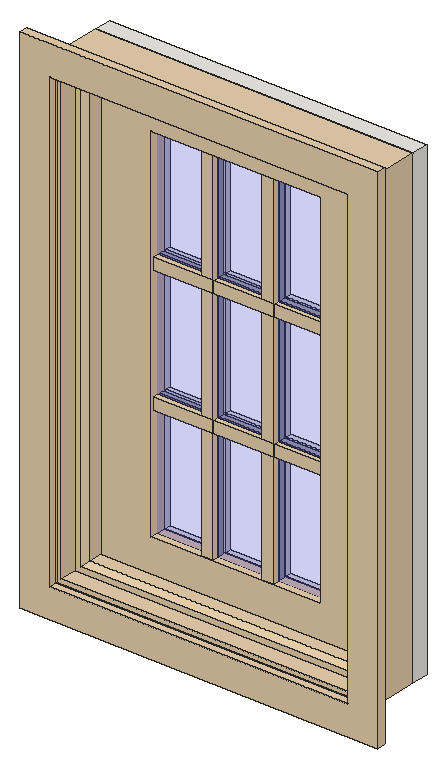
Revit family "Window-Door_Transom-Andersen-400_Series-Single 2", category Windows, host Wall, Revit 2013 (continued)
Dimensions and locks (in)
  aligned and locked: Extrusion 8 sketch curve to plane 31 "T Int Frame2"
  aligned and locked: plane 42 "B Int Frame2" to Extrusion 8 sketch curve
  aligned and locked: plane 78 "B Ext Frame1" to Extrusion 11 sketch curve
  aligned and locked: plane 31 "T Int Frame2" to Extrusion 12 sketch curve
  aligned and locked: plane 7 "T Frame" to Extrusion 12 sketch curve
  aligned and locked: plane 73 "L Int Frame2" to Extrusion 12 sketch curve
  aligned and locked: plane 5 "L Frame" to Extrusion 12 sketch curve
  aligned and locked: Extrusion 12 sketch curve to plane 71 "R Int Frame2"
  aligned and locked: Extrusion 12 sketch curve to plane 4 "R Frame"
  aligned and locked: Extrusion 12 sketch curve to plane 42 "B Int Frame2"
  aligned and locked: Extrusion 12 sketch curve to plane 6 "B Frame"
  aligned and locked: plane 69 "Sash1 S1" to Extrusion 12
  aligned and locked: Extrusion 12 to plane 58 "Frame S2"
  aligned and locked: plane 5 "L Frame" to Sweep 13 sketch curve
  aligned and locked: plane 7 "T Frame" to Sweep 13 sketch curve
  aligned and locked: Sweep 13 sketch curve to plane 4 "R Frame"
  aligned and locked: Sweep 13 sketch curve to plane 6 "B Frame"
  aligned and locked: Sweep 13 sketch curve to plane 69 "Sash1 S1"
  aligned and locked: plane 9 "L Ext Frame1" to Sweep 13 sketch curve
  aligned and locked: plane 50 "Frame S1" to Sweep 13 sketch curve
  aligned and locked: Sweep 13 sketch curve to plane 5 "L Frame"
  aligned and locked: plane 70 "Frame S1.1" to Sweep 13 sketch curve
  aligned and locked: Sweep 13 sketch curve to curve 104
  aligned and locked: curve 103 to Sweep 13 sketch curve
  aligned and locked: Extrusion 11 to Sweep 13 sketch curve
  aligned and locked: plane 7 "T Frame" to Sweep 14 sketch curve
  aligned and locked: Sweep 14 sketch curve to plane 4 "R Frame"
  aligned and locked: plane 5 "L Frame" to Sweep 14 sketch curve
  aligned and locked: Sweep 14 sketch curve to plane 6 "B Frame"
  aligned and locked: Sweep 14 sketch curve to curve 110
  aligned and locked: plane 57 "Frame2 S2.1" to Sweep 14 sketch curve  (x2)
  aligned and locked: plane 73 "L Int Frame2" to Sweep 14 sketch curve
  aligned and locked: Sweep 14 sketch curve to plane 56 "Sash1 S2"
  aligned and locked: Sweep 14 sketch curve to plane 10 "L Int Frame1"
  aligned and locked: curve 32 to plane 78 "B Ext Frame1"
  aligned and locked: plane 37 "T Casing 3" to curve 23
  aligned and locked: plane 48 "Casing S1" to curve 23
  aligned and locked: plane 49 "Casing S2" to curve 23
  aligned and locked: plane 36 "T Casing 2" to curve 24
Automatic sketch dimensions
  curve 44 to curve 44 = 0' - 1 1/2"  (x2)
  curve 45 to curve 45 = 0' - 1 1/2"
  curve 46 to curve 46 = 0' - 1 1/2"
  curve 49 to curve 47 = 0' - 0.1105"  (x2)
  curve 65 to curve 65 = 0' - 1 1/2"
  curve 69 to curve 69 = 0' - 1 1/2"
  curve 74 to curve 83 = 0' - 0.358"
  curve 75 to curve 75 = 0' - 0.32099"
  curve 75 to curve 84 = 0' - 0.41231"
  curve 76 to curve 85 = 0' - 0 3/4"
  curve 77 to curve 78 = 0' - 0.062"
  curve 77 to curve 78 = 0' - 0.49469"
  curve 86 to curve 80 = 0' - 1.019"
  curve 79 to curve 80 = 0' - 0.512"
  curve 73 to curve 73 = 0' - 0.955"
  curve 76 to curve 47 = 0' - 0 1/8"
  curve 48 to curve 85 = 0' - 0 1/8"
  curve 81 to curve 81 = 0' - 1.312"
  curve 73 to curve 87 = 0' - 0.06957"
  curve 81 to curve 80 = 0' - 0.4"
  curve 80 to curve 80 = 0' - 0.299"
  curve 73 to curve 74 = 0' - 0.96922"
  curve 74 to curve 83 = 0' - 0.20149"
  curve 74 to curve 118 = 0' - 2.57036"
  curve 118 to curve 78 = 0' - 0.62657"
  curve 84 to curve 75 = 0' - 0.74531"
  curve 78 to curve 77 = 0' - 0.24843"
  curve 75 to curve 84 = 0' - 0.12969"
  curve 73 to curve 73 = 0' - 0.23762"
  curve 49 to curve 76 = 0' - 0 1/8"
  curve 49 to curve 48 = 0' - 0.1105"
  curve 89 to curve 98 = 0' - 0.358"
  curve 90 to curve 90 = 0' - 0.32099"
  curve 90 to curve 99 = 0' - 0.41231"
  curve 91 to curve 100 = 0' - 0 3/4"
  curve 92 to curve 93 = 0' - 0.062"
  curve 92 to curve 93 = 0' - 0.49469"
  curve 101 to curve 95 = 0' - 1.019"
  curve 94 to curve 95 = 0' - 0.512"
  curve 88 to curve 88 = 0' - 0.955"
  curve 91 to curve 66 = 0' - 0 1/8"
  curve 67 to curve 100 = 0' - 0 1/8"
  curve 96 to curve 96 = 0' - 1.312"
  curve 88 to curve 102 = 0' - 0.06957"
  curve 96 to curve 95 = 0' - 0.4"
  curve 95 to curve 95 = 0' - 0.299"
  curve 88 to curve 89 = 0' - 0.96922"
  curve 89 to curve 98 = 0' - 0.20149"
  curve 89 to curve 119 = 0' - 2.57036"
  curve 119 to curve 93 = 0' - 0.62657"
  curve 99 to curve 90 = 0' - 0.74531"
  curve 93 to curve 92 = 0' - 0.24843"
  curve 90 to curve 99 = 0' - 0.12969"
  curve 88 to curve 88 = 0' - 0.23762"
  curve 68 to curve 91 = 0' - 0 1/8"
  curve 68 to curve 66 = 0' - 0.1105"
  curve 68 to curve 67 = 0' - 0.1105"
  curve 113 to curve 104 = 0' - 0.358"
  curve 105 to curve 105 = 0' - 0.32099"
  curve 114 to curve 105 = 0' - 0.41231"
  curve 115 to curve 106 = 0' - 0 3/4"
  curve 108 to curve 107 = 0' - 0.062"
  curve 108 to curve 107 = 0' - 0.49469"
  curve 110 to curve 116 = 0' - 1.019"
  curve 110 to curve 109 = 0' - 0.512"
  curve 103 to curve 103 = 0' - 0.955"
  curve 70 to curve 106 = 0' - 0 1/8"
  curve 115 to curve 71 = 0' - 0 1/8"
  curve 111 to curve 111 = 0' - 1.312"
  curve 103 to curve 117 = 0' - 0.06957"
  curve 111 to curve 110 = 0' - 0.4"
  curve 110 to curve 110 = 0' - 0.299"
  curve 103 to curve 104 = 0' - 0.96922"
  curve 104 to curve 113 = 0' - 0.20149"
  curve 104 to curve 120 = 0' - 2.57036"
  curve 120 to curve 108 = 0' - 0.62657"
  curve 114 to curve 105 = 0' - 0.74531"
  curve 108 to curve 107 = 0' - 0.24843"
  curve 105 to curve 114 = 0' - 0.12969"
  curve 103 to curve 103 = 0' - 0.23762"
  curve 72 to curve 106 = 0' - 0 1/8"
  curve 72 to curve 70 = 0' - 0.1105"
  curve 72 to curve 71 = 0' - 0.1105"
  curve 153 to curve 153 = 0' - 1 1/2"
  host wall to curve 20 = 0' - 0"
  curve 127 to curve 126 = 0' - 0.512"
  curve 126 to curve 139 = 0' - 1.019"
  curve 125 to curve 125 = 0' - 0.49419"
  curve 124 to curve 124 = 0' - 0 1/16"
  curve 138 to curve 143 = 0' - 0 3/4"
  curve 123 to curve 123 = 0' - 0.09132"
  curve 137 to curve 122 = 0' - 0.41231"
  curve 122 to curve 135 = 0' - 0.358"
  curve 141 to curve 140 = 0' - 1.312"
  curve 124 to curve 52 = 0' - 0 1/8"
  curve 52 to curve 123 = 0' - 0 1/8"
  curve 121 to curve 121 = 0' - 0.955"
  curve 124 to curve 123 = 0' - 0"
  curve 123 to curve 142 = 0' - 0.13117"
  curve 124 to curve 139 = 0' - 0.2518"
  curve 136 to curve 143 = 0' - 0.74383"
  curve 137 to curve 136 = 0' - 1.19336"
  curve 122 to curve 135 = 0' - 0.20348"
  curve 143 to curve 126 = 0' - 1.5975"
  curve 126 to curve 140 = 0' - 0.299"
  curve 127 to curve 140 = 0' - 0.4"
  curve 122 to curve 121 = 0' - 0.96922"
  curve 124 to curve 51 = 0' - 0"
  curve 50 to curve 123 = 0' - 0"
  curve 51 to curve 52 = 0' - 0 1/8"
  curve 121 to curve 121 = 0' - 0.23811"
  curve 134 to curve 133 = 0' - 0.512"
  curve 133 to curve 148 = 0' - 1.019"
  curve 132 to curve 132 = 0' - 0.49419"
  curve 131 to curve 131 = 0' - 0 1/16"
  curve 147 to curve 152 = 0' - 0 3/4"
  curve 130 to curve 130 = 0' - 0.09132"
  curve 146 to curve 129 = 0' - 0.41231"
  curve 129 to curve 144 = 0' - 0.358"
  curve 150 to curve 149 = 0' - 1.312"
  curve 131 to curve 55 = 0' - 0 1/8"
  curve 55 to curve 130 = 0' - 0 1/8"
  curve 128 to curve 128 = 0' - 0.955"
  curve 131 to curve 130 = 0' - 0"
  curve 130 to curve 151 = 0' - 0.13117"
  curve 131 to curve 148 = 0' - 0.2518"
  curve 145 to curve 152 = 0' - 0.74383"
  curve 146 to curve 145 = 0' - 1.19336"
  curve 129 to curve 144 = 0' - 0.20348"
  curve 152 to curve 133 = 0' - 1.5975"
  curve 133 to curve 149 = 0' - 0.299"
  curve 134 to curve 149 = 0' - 0.4"
  curve 129 to curve 128 = 0' - 0.96922"
  curve 131 to curve 54 = 0' - 0"
  curve 53 to curve 130 = 0' - 0"
  curve 54 to curve 55 = 0' - 0 1/8"
  curve 128 to curve 128 = 0' - 0.23811"
  curve 163 to curve 162 = 0' - 0.512"
  curve 162 to curve 168 = 0' - 1.019"
  curve 161 to curve 161 = 0' - 0.49419"
  curve 160 to curve 160 = 0' - 0 1/16"
  curve 167 to curve 172 = 0' - 0 3/4"
  curve 159 to curve 159 = 0' - 0.09132"
  curve 166 to curve 158 = 0' - 0.41231"
  curve 158 to curve 164 = 0' - 0.358"
  curve 170 to curve 169 = 0' - 1.312"
  curve 160 to curve 156 = 0' - 0 1/8"
  curve 156 to curve 159 = 0' - 0 1/8"
  curve 157 to curve 157 = 0' - 0.955"
  curve 160 to curve 159 = 0' - 0"
  curve 171 to curve 159 = 0' - 0.13117"
  curve 168 to curve 160 = 0' - 0.2518"
  curve 172 to curve 165 = 0' - 0.74383"
  curve 165 to curve 166 = 0' - 1.19336"
  curve 164 to curve 158 = 0' - 0.20348"
  curve 162 to curve 172 = 0' - 1.5975"
  curve 169 to curve 162 = 0' - 0.299"
  curve 169 to curve 163 = 0' - 0.4"
  curve 157 to curve 158 = 0' - 0.96922"
  curve 160 to curve 155 = 0' - 0"
  curve 154 to curve 159 = 0' - 0"
  curve 156 to curve 155 = 0' - 0 1/8"
  curve 157 to curve 157 = 0' - 0.23811"
  plane 6 "B Frame" to Masking region 5 sketch curve = 0' - 0"
  Masking region 8 sketch curve to plane 6 "B Frame" = 0' - 0"
  plane 6 "B Frame" to Extrusion 5 sketch curve = 0' - 0"
  Extrusion 7 sketch curve to plane 6 "B Frame" = 0' - 0"
  Extrusion 11 sketch curve to plane 6 "B Frame" = 0' - 0"
  plane 40 "B Glazing" to curve 26 = 0' - 0"
  plane 40 "B Glazing" to curve 27 = 0' - 0"
  plane 40 "B Glazing" to curve 29 = 0' - 0"
  plane 40 "B Glazing" to curve 28 = 0' - 0"
Nested families (in)
  nested 1: "Andersen Grille Bar" at (0, 1.21219, 64.5) x (-1, 0, 0) z (0, 1, 0), Center Line <- "Bar Center Line", Bar Length <- "TS V Bar Length", Bar Width <- "Grille Bar Size", visible <- "TS S V", type "Andersen Grille Bar"
    with Glass / 2 0' - 0 7/32", Glass 0' - 0 13/16", Center Line Length 2' - 3 5/8", Center Line 2, Bar Width 0' - 0 7/8", Bar Length 2' - 3 5/8"
  nested 2: "Andersen Grille Bar" at (0, 1.21219, 64.5) x (0, 0, -1) z (0, 1, 0), Bar Length <- "H DLO", visible <- "TS S H", Bar Width <- "Grille Bar Size", type "Andersen Grille Bar"
    with Glass / 2 0' - 0 7/32", Glass 0' - 0 13/16", Center Line Length 1' - 0 7/8", Center Line 2, Bar Width 0' - 0 7/8", Bar Length 1' - 0 7/8"
  nested 3: "Andersen Grille Bar" at (2.29167, 1.21219, 64.5) x (-1, 0, 0) z (0, 1, 0), Center Line <- "Bar Center Line", Bar Length <- "TS V Bar Length", Bar Width <- "Grille Bar Size", visible <- "TS M V", type "Andersen Grille Bar"
    with Glass / 2 0' - 0 7/32", Glass 0' - 0 13/16", Center Line Length 2' - 3 5/8", Center Line 2, Bar Width 0' - 0 7/8", Bar Length 2' - 3 5/8"
  nested 4: "Andersen Grille Bar" at (0, 1.21219, 59.75) x (0, 0, -1) z (0, 1, 0), Center Line <- "Bar Center Line", Bar Length <- "H DLO", visible <- "TS M H", Bar Width <- "Grille Bar Size", type "Andersen Grille Bar"
    with Glass / 2 0' - 0 7/32", Glass 0' - 0 13/16", Center Line Length 1' - 0 7/8", Center Line 2, Bar Width 0' - 0 7/8", Bar Length 1' - 0 7/8"
  nested 5: "Andersen Grille Bar" at (-2.29167, 1.21219, 64.5) x (-1, 0, 0) z (0, 1, 0), Center Line <- "Bar Center Line", Bar Length <- "TS V Bar Length", Bar Width <- "Grille Bar Size", visible <- "TS M V", type "Andersen Grille Bar"
    with Glass / 2 0' - 0 7/32", Glass 0' - 0 13/16", Center Line Length 2' - 3 5/8", Center Line 2, Bar Width 0' - 0 7/8", Bar Length 2' - 3 5/8"
  nested 6: "Andersen Grille Bar" at (0, 1.21219, 69.25) x (0, 0, -1) z (0, 1, 0), Center Line <- "Bar Center Line", Bar Length <- "H DLO", visible <- "TS M H", Bar Width <- "Grille Bar Size", type "Andersen Grille Bar"
    with Glass / 2 0' - 0 7/32", Glass 0' - 0 13/16", Center Line Length 1' - 0 7/8", Center Line 2, Bar Width 0' - 0 7/8", Bar Length 1' - 0 7/8"
  nested 7: "Andersen Grille Bar" at (0, 1.21219, 64.5) x (0, 0, -1) z (0, 1, 0), Bar Length <- "H DLO", visible <- "TS S H Craftsman", Bar Width <- "Grille Bar Size", type "Andersen Grille Bar"
    with Glass / 2 0' - 0 7/32", Glass 0' - 0 13/16", Center Line Length 1' - 0 7/8", Center Line 2, Bar Width 0' - 0 7/8", Bar Length 1' - 0 7/8"
Definition of nested family "Andersen Grille Bar"
  Parameters (values of type "Andersen Grille Bar")
    Interior Bar Visibility = yes
    Interior Bar Material = none
    Glass / 2 [instance] = (Glass / 2) - 0' 0 3/16"  # 0' - 0 7/32"
    Glass [instance] = 0' - 0 13/16"
    Exterior Bar Visibility = yes
    Exterior Bar Finish = none
    Default Elevation = 4' - 0"
    Center Line Length [instance] = if(Center Line = 1, Bar Length + (Bar Width / 2), Bar Length)  # 0' - 4 7/16"
    Center Line [instance] = 1
    Between Glass Bar Visibility = yes
    Between Glass Bar Finish = none
    Bar Width [instance] = 0' - 0 7/8"
    Bar Length [instance] = 0' - 4"
  Reference planes (in)
    plane 1 "Center (Front/Back)": y = 0
    plane 2 "a": z = 0
    plane 3 "Center (Left/Right)": x = 0
    plane 4 "1": x = -0.4375
    plane 5 "2": x = 0.4375
    plane 6: y = 2
    plane 7: y = -2
    plane 8 "b": z = -0.8125
    plane 9: z = -0.21875
    plane 10: y = -2.4375
    plane 11 "a1": z = 12
    plane 12 "a2": z = -12
  Forms (in)
    Extrusion 1, solid
      sketch origin (0, 0, 0) x (1, 0, 0) y (0, 1, 0)
        loop
          line (-48, 48) -> (-48, -48) -> (48, -48) -> (48, 48) -> (-48, 48)
      from 0 to -12
    Extrusion 2, solid, material <- "Exterior Bar Finish", visible <- "Exterior Bar Visibility", detail levels fine
      sketch origin (0, 0, 0) x (1, 0, 0) y (0, 1, 0)
        loop
          line (-0.4375, 2) -> (-0.4375, -2) -> (0.4375, -2) -> (0.4375, 2) -> (-0.4375, 2)
      from 0 to 0.375
    Extrusion 3, solid, material <- "Between Glass Bar Finish", visible <- "Between Glass Bar Visibility", detail levels fine
      sketch origin (0, 0, 0) x (1, 0, 0) y (0, 1, 0)
        loop
          line (-0.4375, 2) -> (-0.4375, -2) -> (0.4375, -2) -> (0.4375, 2) -> (-0.4375, 2)
      from -0.59375 to -0.21875
    Extrusion 4, solid, material <- "Interior Bar Material", visible <- "Interior Bar Visibility", detail levels fine
      sketch origin (0, 0, 0) x (1, 0, 0) y (0, 1, 0)
        loop
          line (-0.4375, 2) -> (-0.4375, -2) -> (0.4375, -2) -> (0.4375, 2) -> (-0.4375, 2)
      from -1.1875 to -0.8125
  Lines and regions (in)
    model lines, style "GenericModel", detail levels coarse+medium
      curve 1: line (0, 2, 0) -> (0, -2.4375, 0)
    symbolic lines, style "GenericModel", detail levels coarse+medium
      curve 2: line (0, 2, 12) -> (0, -2.4375, 12)
      curve 3: line (0, 2, -12) -> (0, -2.4375, -12)
    model lines, style "InvisibleLines", not visible, detail levels coarse
      curve 4: line (0, 0, 12) -> (0, 0, -12)
    symbolic lines, detail levels fine
      curve 5: line (-0.4375, 2, 0) -> (-0.4375, -2, 0)
      curve 6: line (0.4375, 2, 0) -> (0.4375, -2, 0)
  Dimensions and locks (in)
    "Glass": plane 2 "a" to plane 8 "b"
    "Glass / 2": plane 2 "a" to plane 9
    locked: Extrusion 2 to Extrusion 2 at 0.375
    locked: plane 9 to Extrusion 3 at 0.375
    locked: plane 8 "b" to Extrusion 4 at 0.375
    equal spacing: plane 4 "1", plane 3 "Center (Left/Right)", plane 5 "2"
    equal spacing: plane 6, plane 1 "Center (Front/Back)", plane 7
    "Bar Width": plane 4 "1" to plane 5 "2"
    "Bar Length": plane 6 to plane 7
    "Center Line Length": plane 6 to plane 10
    locked: plane 11 "a1" to plane 2 "a" at 12
    locked: plane 2 "a" to plane 12 "a2" at 12
    aligned and locked: plane 2 "a" to Extrusion 1
    aligned and locked: level to Extrusion 1
    aligned and locked: Extrusion 2 to plane 2 "a"
    aligned and locked: Extrusion 2 to plane 4 "1"
    aligned and locked: plane 5 "2" to Extrusion 2
    aligned and locked: plane 6 to Extrusion 2
    aligned and locked: Extrusion 2 to plane 7
    aligned and locked: plane 9 to Extrusion 3
    aligned and locked: Extrusion 3 to plane 4 "1"
    aligned and locked: plane 5 "2" to Extrusion 3
    aligned and locked: plane 6 to Extrusion 3
    aligned and locked: Extrusion 3 to plane 7
    aligned and locked: plane 8 "b" to Extrusion 4
    aligned and locked: Extrusion 4 to plane 4 "1"
    aligned and locked: plane 5 "2" to Extrusion 4
    aligned and locked: plane 6 to Extrusion 4
    aligned and locked: Extrusion 4 to plane 7
    aligned and locked: plane 6 to curve 1
    aligned and locked: plane 10 to curve 1
    aligned and locked: curve 1 to plane 3 "Center (Left/Right)"
    aligned and locked: plane 6 to curve 2
    aligned and locked: plane 10 to curve 2
    aligned and locked: curve 2 to plane 3 "Center (Left/Right)"
    aligned and locked: plane 6 to curve 3
    aligned and locked: plane 10 to curve 3
    aligned and locked: curve 3 to plane 3 "Center (Left/Right)"
    aligned and locked: plane 11 "a1" to curve 4
    aligned and locked: plane 12 "a2" to curve 4
    aligned and locked: curve 4 to plane 1 "Center (Front/Back)"
    aligned and locked: plane 6 to curve 5
    aligned and locked: plane 6 to curve 6
    aligned and locked: plane 7 to curve 6
    aligned and locked: plane 7 to curve 5
    aligned and locked: curve 5 to plane 4 "1"
    aligned and locked: curve 6 to plane 5 "2"
  Automatic sketch dimensions
    Extrusion 1 sketch curve to Extrusion 1 sketch curve = 8' - 0"  (x2)
    plane 7 to Extrusion 2 sketch curve = 0' - 0"
    Extrusion 2 sketch curve to plane 5 "2" = 0' - 0 7/8"
    Extrusion 2 sketch curve to plane 6 = 0' - 0"
    Extrusion 2 sketch curve to Extrusion 2 sketch curve = 0' - 0 7/8"
    plane 7 to Extrusion 3 sketch curve = 0' - 0"
    Extrusion 3 sketch curve to plane 5 "2" = 0' - 0 7/8"
    Extrusion 3 sketch curve to plane 6 = 0' - 0"
    Extrusion 3 sketch curve to Extrusion 3 sketch curve = 0' - 0 7/8"
    Extrusion 4 sketch curve to plane 7 = 0' - 0"
    Extrusion 4 sketch curve to plane 5 "2" = 0' - 0 7/8"
    Extrusion 4 sketch curve to plane 6 = 0' - 0"
    Extrusion 4 sketch curve to Extrusion 4 sketch curve = 0' - 0 7/8"
